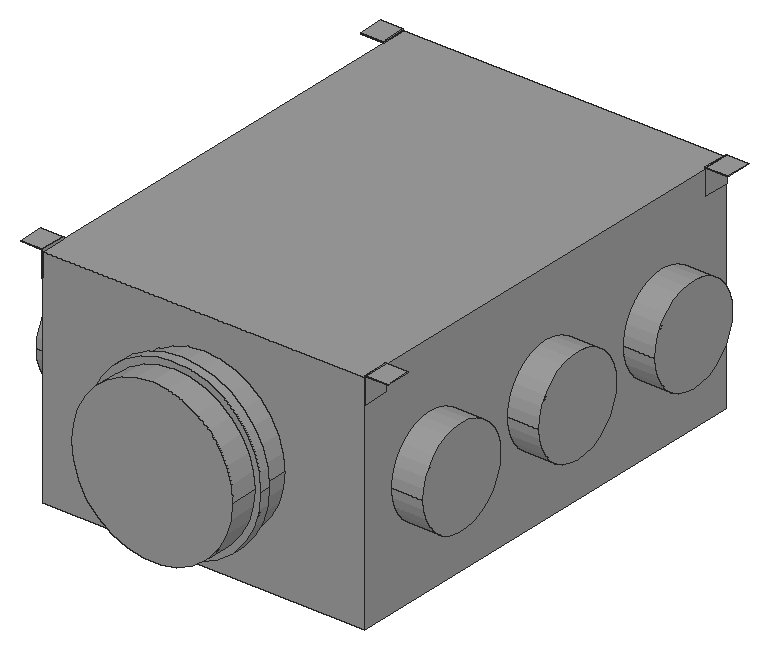
Revit family "FASU(F6-150 250Φ)", category ダクト付属品, Revit 2021
Family settings
  丸型コネクタ寸法 = 直径を使用
  パーツ タイプ = ダンパー
  OmniClass 番号 = 23.75.00.00
  OmniClass タイトル = Climate Control (HVAC)
  作業面ベース = いいえ
  常に垂直 = はい
  ロード時にボイドで切り取り = いいえ
  共有 = いいえ
Parameters
  高さ = 350 mm
  風量 = 0.0 L/s
  符号 = "FASU"
  形式 = "F6-150 250φ"
  幅 [instance] = 500 mm
  奥行き = 700 mm
  大きさ = 250 mm
  呼称 = "FASUチャンバー"
  付属品_下端レベル [instance] = 0 mm
  マテリアル [instance] = 既定値
  ダクト_イン = 300 mm
  ダクト_アウト = 150 mm
  既定の高さ = 0 mm
Reference planes
  plane 1 "中心(正面/背面)": y = 0
  plane 2: z = 0
  plane 3 "中心(左/右)": x = 0
  plane 4: x = -250
  plane 5: x = 250
  plane 6: y = -700
  plane 7: z = 350
  plane 8: z = 175
  plane 9: z = 266.963
  plane 10: z = 86.159
  plane 11: x = -251
  plane 12: z = 313.122
  plane 13: z = 352.122
  plane 14: y = -350
Forms (mm)
  Extrusion 1, solid, material "既定値" <- "マテリアル"
    sketch origin (0, 0, 0) x (1, 0, 0) y (0, 1, 0)
      loop
        line (-250, 0) -> (-250, -700) -> (250, -700) -> (250, 0) -> (-250, 0)
    from 0 to 350
  Extrusion 2, solid, material "既定値" <- "マテリアル"
    sketch origin (0, -30, 0) x (1, 0, 0) y (0, 1, 0)
      loop
        line (-250, 30) -> (-251, 30) -> (-251, -10) -> (-250, -10) -> (-250, 30)
    from 313.122 to 350
  Extrusion 3, solid, material "既定値" <- "マテリアル"
    sketch origin (0, -30, 0) x (1, 0, 0) y (0, 1, 0)
      loop
        line (-285, 30) -> (-285, -10) -> (-251, -10) -> (-251, 30) -> (-285, 30)
    from 352.122 to 350
  Extrusion 4, solid, material "既定値" <- "マテリアル"
    sketch origin (0, -30, 0) x (-1, 0, 0) y (0, -1, 0)
      loop
        line (-250, -30) -> (-250, 10) -> (-251, 10) -> (-251, -30) -> (-250, -30)
    from 313.122 to 353.122
  Extrusion 5, solid, material "既定値" <- "マテリアル"
    sketch origin (0, -30, 0) x (-1, 0, 0) y (0, -1, 0)
      loop
        line (-285, -30) -> (-251, -30) -> (-251, 10) -> (-285, 10) -> (-285, -30)
    from 352.122 to 353.122
  Extrusion 6, solid, material "既定値" <- "マテリアル"
    sketch origin (0, -490, 0) x (1, 0, 0) y (0, 1, 0)
      loop
        line (-285, -170) -> (-285, -210) -> (-251, -210) -> (-251, -170) -> (-285, -170)
    from 352.122 to 353.122
  Extrusion 7, solid, material "既定値" <- "マテリアル"
    sketch origin (0, -490, 0) x (1, 0, 0) y (0, 1, 0)
      loop
        line (-250, -170) -> (-251, -170) -> (-251, -210) -> (-250, -210) -> (-250, -170)
    from 313.122 to 353.122
  Extrusion 8, solid, material "既定値" <- "マテリアル"
    sketch origin (0, -490, 0) x (-1, 0, 0) y (0, -1, 0)
      loop
        line (-285, 170) -> (-251, 170) -> (-251, 210) -> (-285, 210) -> (-285, 170)
    from 352.122 to 353.122
  Extrusion 9, solid, material "既定値" <- "マテリアル"
    sketch origin (0, -490, 0) x (-1, 0, 0) y (0, -1, 0)
      loop
        line (-250, 170) -> (-250, 210) -> (-251, 210) -> (-251, 170) -> (-250, 170)
    from 313.122 to 353.122
  Extrusion 10, solid, material "既定値" <- "マテリアル"
    sketch origin (550, -582.5, 0) x (0, -1, 0) y (0, 0, -1)
      loop
        circle (-232.5, -175) r 74.985
    from -300 to -250
  Extrusion 11, solid, material "既定値" <- "マテリアル"
    sketch origin (-550, -582.5, 0) x (0, -1, 0) y (0, 0, 1)
      loop
        circle (-232.5, 175) r 74.985
    from -300 to -250
  Extrusion 12, solid, material "既定値" <- "マテリアル"
    sketch origin (550, -357.5, 0) x (0, -1, 0) y (0, 0, -1)
      loop
        circle (-232.5, -175) r 74.985
    from -300 to -250
  Extrusion 13, solid, material "既定値" <- "マテリアル"
    sketch origin (-550, -357.5, 0) x (0, -1, 0) y (0, 0, 1)
      loop
        circle (-232.5, 175) r 74.985
    from -300 to -250
  Extrusion 14, solid, material "既定値" <- "マテリアル"
    sketch origin (550, -142.5, 0) x (0, 1, 0) y (0, 0, 1)
      loop
        circle (-432.5, 175) r 74.985
    from -300 to -250
  Extrusion 15, solid, material "既定値" <- "マテリアル"
    sketch origin (0, -142.5, 0) x (0, 1, 0) y (0, 0, 1)
      loop
        circle (-432.5, 175) r 74.985
    from -300 to -250
  Extrusion 16, solid, material "既定値" <- "マテリアル"
    sketch origin (0, -230, 0) x (1, 0, 0) y (0, 0, 1)
      loop
        circle (0, 175) r 125
    from 470 to 512.5
  Extrusion 17, solid, material "既定値" <- "マテリアル"
    sketch origin (0, -230, 0) x (1, 0, 0) y (0, 0, 1)
      loop
        circle (0, 175) r 135
    from 512.5 to 527.5
  Extrusion 18, solid, material "既定値" <- "マテリアル"
    sketch origin (0, -317.5, 0) x (1, 0, 0) y (0, 0, 1)
      loop
        circle (0, 175) r 125
    from 440 to 482.5
Lines and regions (mm)
  model lines
    curve 1: line (-250, -30, 0) -> (250, -30, 0)
    curve 2: line (-250, -670, 0) -> (250, -670, 0)
Text (mm)
  text "FASU(F6-150 250Φ)" at (3.713, -630.412, 0), in view "参照レベル"
Dimensions and locks
  equal spacing: plane 4, plane 3 "中心(左/右)", plane 5
  "幅": plane 4 to plane 5
  "奥行き": plane 6 to plane 1 "中心(正面/背面)"
  "高さ": plane 7 to level
  equal spacing: plane 7, plane 8, level
  equal spacing: plane 6, plane 14, plane 1 "中心(正面/背面)"
  aligned and locked: level to plane 2
  aligned and locked: Extrusion 1 sketch curve to plane 5
  aligned and locked: plane 7 to Extrusion 1
  aligned and locked: Extrusion 2 sketch curve to Extrusion 1
  aligned and locked: plane 7 to Extrusion 2
  aligned and locked: Extrusion 3 sketch curve to Extrusion 2
  aligned and locked: Extrusion 2 to Extrusion 3 sketch curve
  aligned and locked: plane 7 to Extrusion 3
  aligned and locked: Extrusion 3 to plane 13
  aligned and locked: Extrusion 4 to Extrusion 5 sketch curve
  aligned and locked: Extrusion 5 sketch curve to Extrusion 4
  aligned and locked: Extrusion 1 to Extrusion 8
  aligned and locked: Extrusion 6 to Extrusion 1
  aligned and locked: Extrusion 7 to Extrusion 1
  aligned and locked: Extrusion 1 to Extrusion 9
  aligned and locked: Extrusion 9 to Extrusion 8
  aligned and locked: Extrusion 7 to Extrusion 6
  aligned and locked: plane 4 to Extrusion 7
  aligned and locked: Extrusion 9 to plane 5
  aligned and locked: plane 4 to curve 1
  aligned and locked: plane 5 to curve 1
  aligned and locked: plane 5 to curve 2
  aligned and locked: Extrusion 1 to Extrusion 3
  aligned and locked: Extrusion 5 to Extrusion 1
  aligned and locked: Extrusion 4 to plane 5
  aligned and locked: Extrusion 1 to plane 6
  aligned and locked: Extrusion 1 to plane 1 "中心(正面/背面)"
  aligned and locked: Extrusion 12 to plane 5
  aligned and locked: plane 4 to Extrusion 13
  aligned and locked: Extrusion 14 to plane 5
  aligned and locked: plane 4 to Extrusion 15
  aligned and locked: Extrusion 17 to Extrusion 18
  aligned and locked: Extrusion 17 to Extrusion 16
Automatic sketch dimensions
  Extrusion 10 sketch curve to plane 8 = 0 mm
  Extrusion 10 sketch curve to plane 14 = 0 mm
  Extrusion 11 sketch curve to plane 8 = 0 mm
  Extrusion 11 sketch curve to plane 14 = 0 mm
  curve 2 to plane 4 = 0 mm
  plane 6 to curve 2 = 30 mm
  plane 1 "中心(正面/背面)" to curve 1 = 30 mm
  Extrusion 1 sketch curve to plane 4 = 0 mm
  Extrusion 1 sketch curve to plane 6 = 0 mm
  plane 1 "中心(正面/背面)" to Extrusion 1 sketch curve = 0 mm
  plane 1 "中心(正面/背面)" to Extrusion 2 sketch curve = 0 mm
  Extrusion 2 sketch curve to plane 11 = 0 mm
  Extrusion 2 sketch curve to Extrusion 2 sketch curve = 40 mm
  plane 1 "中心(正面/背面)" to Extrusion 3 sketch curve = 0 mm
  Extrusion 3 sketch curve to Extrusion 3 sketch curve = 34 mm
  plane 1 "中心(正面/背面)" to Extrusion 4 sketch curve = 0 mm
  Extrusion 4 sketch curve to plane 5 = 0 mm
  Extrusion 4 sketch curve to Extrusion 4 sketch curve = 1 mm
  Extrusion 4 sketch curve to Extrusion 4 sketch curve = 40 mm
  plane 1 "中心(正面/背面)" to Extrusion 5 sketch curve = 0 mm
  Extrusion 5 sketch curve to Extrusion 5 sketch curve = 34 mm
  Extrusion 6 sketch curve to plane 6 = 0 mm
  Extrusion 6 sketch curve to plane 11 = 0 mm
  Extrusion 6 sketch curve to plane 11 = 34 mm
  plane 6 to Extrusion 6 sketch curve = 40 mm
  Extrusion 7 sketch curve to plane 11 = 0 mm
  Extrusion 7 sketch curve to plane 4 = 0 mm
  Extrusion 7 sketch curve to plane 6 = 0 mm
  plane 6 to Extrusion 7 sketch curve = 40 mm
  Extrusion 8 sketch curve to plane 6 = 0 mm
  Extrusion 8 sketch curve to plane 5 = 35 mm
  Extrusion 8 sketch curve to plane 5 = 1 mm
  Extrusion 8 sketch curve to Extrusion 8 sketch curve = 40 mm
  Extrusion 9 sketch curve to plane 6 = 0 mm
  Extrusion 9 sketch curve to plane 5 = 0 mm
  Extrusion 9 sketch curve to Extrusion 9 sketch curve = 1 mm
  Extrusion 9 sketch curve to Extrusion 9 sketch curve = 40 mm
  Extrusion 12 sketch curve to plane 8 = 0 mm
  plane 1 "中心(正面/背面)" to Extrusion 12 sketch curve = 125 mm
  Extrusion 13 sketch curve to plane 8 = 0 mm
  plane 1 "中心(正面/背面)" to Extrusion 13 sketch curve = 125 mm
  Extrusion 14 sketch curve to plane 8 = 0 mm
  plane 6 to Extrusion 14 sketch curve = 125 mm
  Extrusion 15 sketch curve to plane 8 = 0 mm
  plane 6 to Extrusion 15 sketch curve = 125 mm
  Extrusion 16 sketch curve to plane 8 = 0 mm
  Extrusion 17 sketch curve to plane 8 = 0 mm
  Extrusion 18 sketch curve to plane 8 = 0 mm
  plane 11 to Extrusion 16 sketch curve = 251 mm
  plane 11 to Extrusion 17 sketch curve = 251 mm
  plane 11 to Extrusion 18 sketch curve = 251 mm
  radius of Extrusion 10 sketch curve = 74.985 mm
  radius of Extrusion 11 sketch curve = 74.985 mm
  radius of Extrusion 12 sketch curve = 74.985 mm
  radius of Extrusion 13 sketch curve = 74.985 mm
  radius of Extrusion 14 sketch curve = 74.985 mm
  radius of Extrusion 15 sketch curve = 74.985 mm
  radius of Extrusion 16 sketch curve = 125 mm
  radius of Extrusion 17 sketch curve = 135 mm
  radius of Extrusion 18 sketch curve = 125 mm
Connectors
  hvac at (-300, -575, 175), driven by "ダクト_アウト"
    settings: on Extrusion 15, index 1, duct flow 0.0 L/s, flow factor 0, pres drop 0.0 Pa, loss coef 0, conn angle 0.00°, conn width 304.8 mm, conn height 304.8 mm, conn diameter 150 mm, duct sys type 29, conn prof type 0, flow config 0, flow direction 2, loss method 0, conn ref index -1, conn util no, is conn primary yes, conn desc ""
  hvac at (-300, -350, 175), driven by "ダクト_アウト"
    settings: on Extrusion 11, index 2, duct flow 0.0 L/s, flow factor 0, pres drop 0.0 Pa, loss coef 0, conn angle 0.00°, conn width 304.8 mm, conn height 304.8 mm, conn diameter 150 mm, duct sys type 29, conn prof type 0, flow config 0, flow direction 2, loss method 0, conn ref index -1, conn util no, is conn primary no, conn desc ""
  hvac at (-300, -125, 175), driven by "ダクト_アウト"
    settings: on Extrusion 13, index 3, duct flow 0.0 L/s, flow factor 0, pres drop 0.0 Pa, loss coef 0, conn angle 0.00°, conn width 304.8 mm, conn height 304.8 mm, conn diameter 150 mm, duct sys type 29, conn prof type 0, flow config 0, flow direction 2, loss method 0, conn ref index -1, conn util no, is conn primary no, conn desc ""
  hvac at (300, -575, 175), driven by "ダクト_アウト"
    settings: on Extrusion 14, index 4, duct flow 0.0 L/s, flow factor 0, pres drop 0.0 Pa, loss coef 0, conn angle 0.00°, conn width 304.8 mm, conn height 304.8 mm, conn diameter 150 mm, duct sys type 29, conn prof type 0, flow config 0, flow direction 2, loss method 0, conn ref index -1, conn util no, is conn primary no, conn desc ""
  hvac at (300, -350, 175), driven by "ダクト_アウト"
    settings: on Extrusion 10, index 5, duct flow 0.0 L/s, flow factor 0, pres drop 0.0 Pa, loss coef 0, conn angle 0.00°, conn width 304.8 mm, conn height 304.8 mm, conn diameter 150 mm, duct sys type 29, conn prof type 0, flow config 0, flow direction 2, loss method 0, conn ref index -1, conn util no, is conn primary no, conn desc ""
  hvac at (300, -125, 175), driven by "ダクト_アウト"
    settings: on Extrusion 12, index 6, duct flow 0.0 L/s, flow factor 0, pres drop 0.0 Pa, loss coef 0, conn angle 0.00°, conn width 304.8 mm, conn height 304.8 mm, conn diameter 150 mm, duct sys type 29, conn prof type 0, flow config 0, flow direction 2, loss method 0, conn ref index -1, conn util no, is conn primary no, conn desc ""
  hvac at (0, -800, 175)
    settings: on Extrusion 18, index 7, duct flow 0.0 L/s, flow factor 0, pres drop 0.0 Pa, loss coef 0, conn angle 0.00°, conn width 304.8 mm, conn height 304.8 mm, conn diameter 250 mm, duct sys type 1, conn prof type 0, flow config 0, flow direction 1, loss method 0, conn ref index -1, conn util no, is conn primary no, conn desc ""
